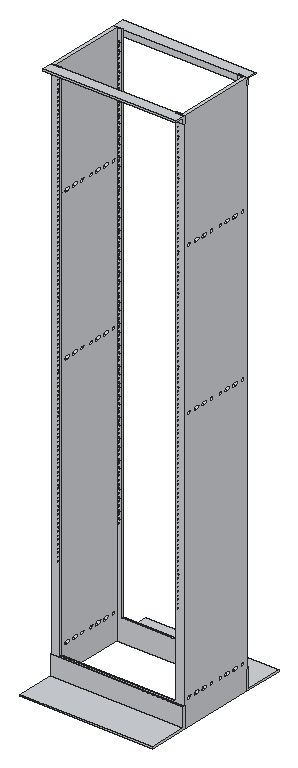
Revit family (continued)
Forms (in)
  Extrusion 45, void
    sketch origin (0, 0, -101.5) x (1, 0, 0) y (0, 0, 1)
      loop
        line (-9.175, 63.8075) -> (-9.264, 63.8075) -> (-9.264, 63.7185) -> (-9.264, 63.6295) -> (-9.175, 63.6295) -> (-9.086, 63.6295) -> (-9.086, 63.8075) -> (-9.175, 63.8075)
      loop
        line (9.175, 65.0575) -> (9.086, 65.0575) -> (9.086, 64.8795) -> (9.175, 64.8795) -> (9.264, 64.8795) -> (9.264, 64.9685) -> (9.264, 65.0575) -> (9.175, 65.0575)
      loop
        line (9.175, 64.4325) -> (9.086, 64.4325) -> (9.086, 64.2545) -> (9.175, 64.2545) -> (9.264, 64.2545) -> (9.264, 64.3435) -> (9.264, 64.4325) -> (9.175, 64.4325)
      loop
        line (9.175, 63.8075) -> (9.086, 63.8075) -> (9.086, 63.6295) -> (9.175, 63.6295) -> (9.264, 63.6295) -> (9.264, 63.7185) -> (9.264, 63.8075) -> (9.175, 63.8075)
    from 0 to 36
Cuts and joins
  Extrusion 3, Extrusion 4, Extrusion 5, Extrusion 7, Extrusion 8, Extrusion 9, Extrusion 10, Extrusion 11, Extrusion 12, Extrusion 13, Extrusion 14, Extrusion 15, Extrusion 16, Extrusion 17, Extrusion 18, Extrusion 19, Extrusion 20, Extrusion 21, Extrusion 22, Extrusion 23, Extrusion 24, Extrusion 25, Extrusion 26, Extrusion 27, Extrusion 28, Extrusion 29, Extrusion 30, Extrusion 31, Extrusion 32, Extrusion 33, Extrusion 34, Extrusion 35, Extrusion 36, Extrusion 37, Extrusion 38, Extrusion 39, Extrusion 40, Extrusion 41, Extrusion 42, Extrusion 43, Extrusion 44, Extrusion 45 cuts Extrusion 2
  Extrusion 7, Extrusion 8, Extrusion 9, Extrusion 10, Extrusion 11, Extrusion 12, Extrusion 13, Extrusion 14, Extrusion 15, Extrusion 16, Extrusion 17, Extrusion 18, Extrusion 19, Extrusion 20, Extrusion 21, Extrusion 22, Extrusion 23, Extrusion 24, Extrusion 25, Extrusion 26, Extrusion 27, Extrusion 28, Extrusion 29, Extrusion 30, Extrusion 31, Extrusion 32, Extrusion 33, Extrusion 34, Extrusion 35, Extrusion 36, Extrusion 37, Extrusion 38, Extrusion 39, Extrusion 40, Extrusion 41, Extrusion 42, Extrusion 43, Extrusion 44, Extrusion 45 cuts Extrusion 6
